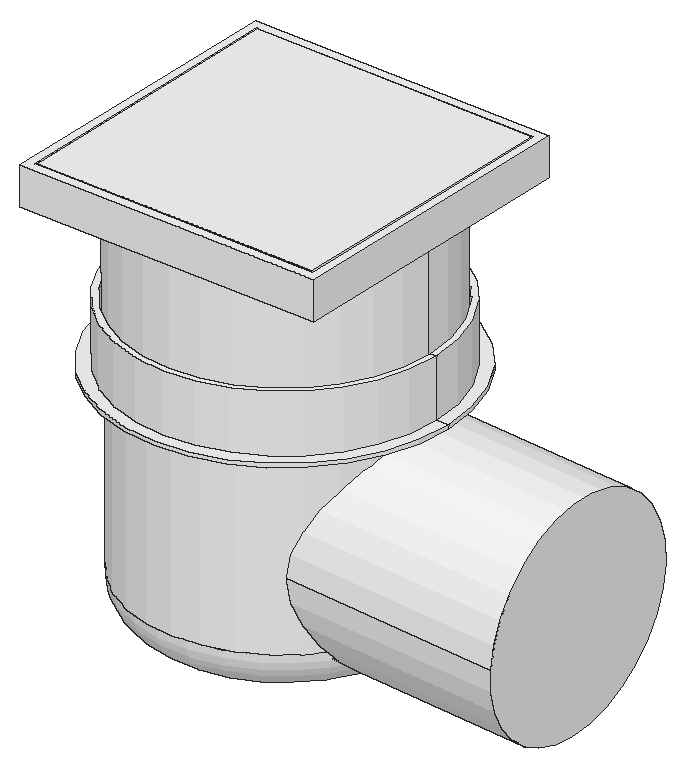
Revit family "HL_Трап для подвалов_HL72", category Instalační zařizovací předměty, Revit 2016
Family settings
  Typ součásti = Normální
  Kóta kulaté spojky = Použít průměr
  Číslo OmniClass = 23.70.50.21.24.14
  Nadpis OmniClass = Deck Waste Water Drains
  Založené na pracovní rovině = Ne
  Vždy vertikální = Ano
  Ořezat dutým tvarem při načtení = Ne
  Sdílené = Ano
  Bod výpočtu místnosti = Ano
Parameters (values of type "HL_Трап для подвалов_HL72")
  РЕШЁТКА = "138x138 mm/ Polyamid"
  РАЗМЕР = "DN110"
  ПРОПУСКНАЯ СПОСОБНОСТЬ [instance] = 0.0 L/s
  ПРОИЗВОДИТЕЛЬНОСТЬ = "1,67 l/s"
  ПРАВОВАЯ ИНФОРМАЦИЯ = "\"Авторские права(©), права на дизайн или какие либо другие права интелектуальной собственности являются исключительной собственностью компании HL Hutterer & Lechner. Изменению не подлежит. Файл семейства с данными о прозводителе изделия защищен паролем с водяным знаком.\""
  ПАДЕНИЕ ДАВЛЕНИЯ [instance] = 0.0 Pa
  НОМИНАЛЬНЫЙ ДИАМЕТР = 110 mm
  НАСАДКА = "48-95 mm/ 148x148 mm"
  МАТЕРИАЛ = "PP"
  МАКСИМАЛЬНАЯ НАГРУЗКА КЛАССА = "K3 - 300 kg"
  ВЫСОТА МОНТАЖА = "160 mm"
  ВЕС = "0,83 kg"
  Připojení ventilace = no
  Výrobce = "HL Hutterer & Lechner GmbH"
  URL = "http://www.hutterer-lechner.com/ru/products/catalog/roof-drains/HL72.aspx"
  Připojení odpadu = yes
  Připojení HW = no
  Popis = "Трап для подвалов"
  Model = "HL72"
  Komentáře k typům = "Трап для подвалов DN110 горизонтальный 148х148мм/138х138мм синтетический материал"
  Keynote = "HL72"
  Высота монтажа [instance] = 95 mm
  Připojení CW = no
  EAN = "9003076700721"
  D1 [instance] = 147.7 mm
  D [instance] = Высота монтажа + 56.6 mm  # 151.6 mm
  C [instance] = Высота монтажа + 56.6 mm  # 151.6 mm
  B [instance] = Высота монтажа + 64 mm  # 159 mm
  A [instance] = if(B - 100 mm > 15 mm, B - 100 mm, 15 mm)  # 59 mm
Reference planes
  plane 1 "Center (Front/Back)": y = 0
  plane 2: z = 0
  plane 3 "Center (Left/Right)": x = 0
  plane 4 "Ball Joint Vertical": x = 25.45
  plane 5: z = -95
  plane 6: z = -159
Lines and regions (mm)
  model lines, style "InvisibleLines"
    curve 1: line (0, 0, 0) -> (0, 0, 560)
  reference lines
    curve 2: line (117.7, 0, -159) -> (147.7, 0, -159)
  model lines, detail levels coarse+medium
    curve 3: line (0, 0, -159) -> (0, 0, -100)
    curve 4: line (0, 0, -100) -> (100, 0, 0)
    curve 5: line (0, 0, -100) -> (-100, 0, 0)
    curve 6: line (0, 0, -159) -> (147.7, 0, -159)
  symbolic lines, style "PlumbingFixtures", detail levels coarse+medium
    curve 7: line (-75, 75, 0) -> (75, 75, 0)
    curve 8: line (-75, -75, 0) -> (-75, 75, 0)
    curve 9: line (75, -75, 0) -> (-75, -75, 0)
    curve 10: line (75, 75, 0) -> (75, -75, 0)
    curve 11: line (-75, 75, 0) -> (-145.711, 145.711, 0)
    curve 12: line (75, 75, 0) -> (145.711, 145.711, 0)
    curve 13: line (-75, -75, 0) -> (-145.711, -145.711, 0)
    curve 14: line (75, -75, 0) -> (145.711, -145.711, 0)
  symbolic lines, style "PlumbingFixtures", not visible, detail levels coarse+medium
    curve 15: line (-75, 75, 0) -> (75, 75, 0)
    curve 16: line (-75, -75, 0) -> (-75, 75, 0)
    curve 17: line (75, -75, 0) -> (-75, -75, 0)
    curve 18: line (75, 75, 0) -> (75, -75, 0)
    curve 19: line (-75, 75, 0) -> (-145.711, 145.711, 0)
    curve 20: line (75, 75, 0) -> (145.711, 145.711, 0)
    curve 21: line (-75, -75, 0) -> (-145.711, -145.711, 0)
    curve 22: line (75, -75, 0) -> (145.711, -145.711, 0)
Text (mm)
  text "FLOOR" at (-198.233, 0, -26.556), in view "вид строительства"
Dimensions and locks
  locked: plane 4 "Ball Joint Vertical" to plane 3 "Center (Left/Right)" at 25.45
  "Высота монтажа": plane 2 to plane 5
  "A": curve 5 to plane 6
  "B": curve 5 to plane 6
  "B": curve 4 to plane 6
  "B": plane 2 to plane 6
  "B": plane 2 to curve 6
  "D1": curve 2 to plane 3 "Center (Left/Right)"
  "D1": curve 6 to plane 3 "Center (Left/Right)"
  locked: curve 4 to plane 3 "Center (Left/Right)" (angle 45.00°)
  locked: plane 3 "Center (Left/Right)" to curve 5 (angle 45.00°)
  aligned and locked: level to plane 2
  aligned and locked: plane 2 to curve 1
  aligned and locked: plane 3 "Center (Left/Right)" to curve 1
  aligned and locked: plane 3 "Center (Left/Right)" to curve 5
  aligned and locked: curve 2 to plane 6
  aligned and locked: plane 3 "Center (Left/Right)" to nested 1
  aligned and locked: plane 3 "Center (Left/Right)" to nested 2
  aligned and locked: plane 2 to nested 2
  aligned and locked: nested 1 to plane 5
Automatic sketch dimensions
  level to curve 1 = 560 mm
  curve 2 to curve 2 = 30 mm
Nested families
  nested 1: "HL-Трап для подвалов-HL72" at (0, 0, -66), type "HL-Трап для подвалов-HL72"
  nested 2: "HL-Насадка-HL66.8" at (0, 0, 0), Высота монтажа <- "Высота монтажа", type "HL-Насадка-HL66.8"
    with Высота монтажа 95 mm, IHmin 45 mm, IHmax 95 mm, A -90 mm
Connectors
  piping at (147.7, 0, -159), diameter 110, driven by "НОМИНАЛЬНЫЙ ДИАМЕТР", driven by "ПРОПУСКНАЯ СПОСОБНОСТЬ"
    settings: on curve 2, index 1, connector inside diameter 609.6 mm, connector length 0 mm, flow factor 0, pipe flow 0.0 L/s, pressure drop 0.0 Pa, fitting loss kfactor 0, connector angle 0.00°, fixture units 0, engagement length 0 mm, angle of deflection 0.00°, flow configuration 1, flow direction 2, fitting loss method 0, system type 16, joint type 0, gender type 0, connector reference index -1, connector utility 0, adjustable connector yes, is connector primary yes, connector description ""
Definition of nested family "HL-Трап для подвалов-HL72"
  Parameters (values of type "HL-Трап для подвалов-HL72")
    Manufacturer = ""
    URL = ""
    Description = ""
    Model = ""
    Type Comments = ""
    Cost = 0
  Reference planes
    plane 1 "Střed (vpředu/vzadu)": y = 0
    plane 2: z = 0
    plane 3 "Střed (vlevo/vpravo)": x = 0
  Forms (mm)
    Revolve 1, solid, detail levels fine
      sketch origin (0, 0, 0) x (1, 0, 0) y (0, 0, 1)
        loop
          line (-82.5, -29) -> (-82.5, -31) -> (-70.991, -31) -> (-70.991, -122.009)
          arc (-70.991, -122.009) -> (-64.843, -136.852) -> (-50, -143) r 20.991
          line (-50, -143) -> (0, -143) -> (0, -25) -> (-73.559, -25) -> (-73.559, 0) -> (-76.522, 0) -> (-76.522, -29) -> (-82.5, -29)
        axis (0, 0) -> (0, -143)
      angle from 0 to 360
    Sweep 2, solid, detail levels fine
      path origin (0, 0, 2.846) x (1, 0, 0) y (0, 0, 1)
        loop
          line (150.529, -40.92) -> (35.687, -34.901)
      profile origin (93.108, 0, -35.065) x (-0.052336, 0, -0.99863) y (0, -1, 0)
        loop
          circle (55, 0) r 55
  Dimensions and locks
    aligned and locked: level to plane 2
Definition of nested family "HL-Насадка-HL66.8"
  Parameters (values of type "HL-Насадка-HL66.8")
    РЕШЁТКА = "138x138mm"
    РАЗМЕР = "d 145 mm"
    ПРАВОВАЯ ИНФОРМАЦИЯ = "\"Авторские права(©), права на дизайн или какие либо другие права интелектуальной собственности являются исключительной собственностью компании HL Hutterer & Lechner. Изменению не подлежит. Файл семейства с данными о прозводителе изделия защищен паролем с водяным знаком.\""
    НАСАДКА = "147x147mm"
    МАТЕРИАЛ = "PP/ Polyamid"
    МАКСИМАЛЬНАЯ НАГРУЗКА КЛАССА = "K3 - 300 kg"
    ВЫСОТА МОНТАЖА = "90 mm"
    ВЕС = "0,236 kg"
    Manufacturer = "HL Hutterer & Lechner GmbH"
    URL = "http://www.hutterer-lechner.com/ru/products/catalog/roof-drains/HL66.8.aspx"
    Description = "Вспомогательные материалы"
    Model = "HL66.8"
    Type Comments = "Насадка d 145мм с бороздками/147х147мм/138х138мм ПП"
    Keynote = "HL66.8"
    Высота монтажа [instance] = 95 mm
    IHmin [instance] = 45 mm
    IHmax [instance] = 95 mm
    EAN = "9003076014583"
    Cost = 0
    A [instance] = -if(Высота монтажа < 45 mm, 19 mm, if(Высота монтажа > 95 mm, 19 mm, Высота монтажа - 5 mm))  # -90 mm
  Reference planes
    plane 1 "Střed (vpředu/vzadu)": y = 0
    plane 2: z = 0
    plane 3 "Střed (vlevo/vpravo)": x = 0
  Forms (mm)
    Extrusion 1, solid, detail levels fine
      sketch origin (0, 0, 0) x (1, 0, 0) y (0, 1, 0)
        loop
          line (74, -74) -> (74, 74) -> (-74, 74) -> (-74, -74) -> (74, -74)
        loop
          line (-70, 70) -> (-70, -70) -> (70, -70) -> (70, 70) -> (-70, 70)
        loop
          line (69, -69) -> (69, 69) -> (-69, 69) -> (-69, -69) -> (69, -69)
      from 0 to -19
    Extrusion 2, solid, detail levels fine
      sketch origin (0, 0, 0) x (1, 0, 0) y (0, 1, 0)
        loop
          circle (0, 0) r 72.508
      from -19 to -90 <- "A"
  Lines and regions (mm)
    model lines, detail levels fine
      curve 1: line (49, 7.25, 0) -> (53, 7.25, 0)
      curve 2: line (55.5, 9.75, 0) -> (55.5, 53.05, 0)
      curve 3: line (46.5, 53.05, 0) -> (46.5, 9.75, 0)
      curve 4: line (53, 55.55, 0) -> (49, 55.55, 0)
      curve 5: arc (55.5, 53.05, 0) -> (54.768, 54.818, 0) -> (53, 55.55, 0) r 2.5
      curve 6: arc (49, 55.55, 0) -> (47.232, 54.818, 0) -> (46.5, 53.05, 0) r 2.5
      curve 7: arc (55.5, 9.75, 0) -> (54.768, 7.982, 0) -> (53, 7.25, 0) r 2.5
      curve 8: arc (49, 7.25, 0) -> (47.232, 7.982, 0) -> (46.5, 9.75, 0) r 2.5
      curve 9: line (32, 7.25, 0) -> (36, 7.25, 0)
      curve 10: line (38.5, 9.75, 0) -> (38.5, 53.05, 0)
      curve 11: line (29.5, 53.05, 0) -> (29.5, 9.75, 0)
      curve 12: line (36, 55.55, 0) -> (32, 55.55, 0)
      curve 13: arc (38.5, 53.05, 0) -> (37.768, 54.818, 0) -> (36, 55.55, 0) r 2.5
      curve 14: arc (32, 55.55, 0) -> (30.232, 54.818, 0) -> (29.5, 53.05, 0) r 2.5
      curve 15: arc (38.5, 9.75, 0) -> (37.768, 7.982, 0) -> (36, 7.25, 0) r 2.5
      curve 16: arc (32, 7.25, 0) -> (30.232, 7.982, 0) -> (29.5, 9.75, 0) r 2.5
      curve 17: line (15, 7.25, 0) -> (19, 7.25, 0)
      curve 18: line (21.5, 9.75, 0) -> (21.5, 53.05, 0)
      curve 19: line (12.5, 53.05, 0) -> (12.5, 9.75, 0)
      curve 20: line (19, 55.55, 0) -> (15, 55.55, 0)
      curve 21: arc (21.5, 53.05, 0) -> (20.768, 54.818, 0) -> (19, 55.55, 0) r 2.5
      curve 22: arc (15, 55.55, 0) -> (13.232, 54.818, 0) -> (12.5, 53.05, 0) r 2.5
      curve 23: arc (21.5, 9.75, 0) -> (20.768, 7.982, 0) -> (19, 7.25, 0) r 2.5
      curve 24: arc (15, 7.25, 0) -> (13.232, 7.982, 0) -> (12.5, 9.75, 0) r 2.5
      curve 25: line (-2, 7.25, 0) -> (2, 7.25, 0)
      curve 26: line (4.5, 9.75, 0) -> (4.5, 53.05, 0)
      curve 27: line (-4.5, 53.05, 0) -> (-4.5, 9.75, 0)
      curve 28: line (2, 55.55, 0) -> (-2, 55.55, 0)
      curve 29: arc (4.5, 53.05, 0) -> (3.768, 54.818, 0) -> (2, 55.55, 0) r 2.5
      curve 30: arc (-2, 55.55, 0) -> (-3.768, 54.818, 0) -> (-4.5, 53.05, 0) r 2.5
      curve 31: arc (4.5, 9.75, 0) -> (3.768, 7.982, 0) -> (2, 7.25, 0) r 2.5
      curve 32: arc (-2, 7.25, 0) -> (-3.768, 7.982, 0) -> (-4.5, 9.75, 0) r 2.5
      curve 33: line (-19, 7.25, 0) -> (-15, 7.25, 0)
      curve 34: line (-12.5, 9.75, 0) -> (-12.5, 53.05, 0)
      curve 35: line (-21.5, 53.05, 0) -> (-21.5, 9.75, 0)
      curve 36: line (-15, 55.55, 0) -> (-19, 55.55, 0)
      curve 37: arc (-12.5, 53.05, 0) -> (-13.232, 54.818, 0) -> (-15, 55.55, 0) r 2.5
      curve 38: arc (-19, 55.55, 0) -> (-20.768, 54.818, 0) -> (-21.5, 53.05, 0) r 2.5
      curve 39: arc (-12.5, 9.75, 0) -> (-13.232, 7.982, 0) -> (-15, 7.25, 0) r 2.5
      curve 40: arc (-19, 7.25, 0) -> (-20.768, 7.982, 0) -> (-21.5, 9.75, 0) r 2.5
      curve 41: line (-36, 7.25, 0) -> (-32, 7.25, 0)
      curve 42: line (-29.5, 9.75, 0) -> (-29.5, 53.05, 0)
      curve 43: line (-38.5, 53.05, 0) -> (-38.5, 9.75, 0)
      curve 44: line (-32, 55.55, 0) -> (-36, 55.55, 0)
      curve 45: arc (-29.5, 53.05, 0) -> (-30.232, 54.818, 0) -> (-32, 55.55, 0) r 2.5
      curve 46: arc (-36, 55.55, 0) -> (-37.768, 54.818, 0) -> (-38.5, 53.05, 0) r 2.5
      curve 47: arc (-29.5, 9.75, 0) -> (-30.232, 7.982, 0) -> (-32, 7.25, 0) r 2.5
      curve 48: arc (-36, 7.25, 0) -> (-37.768, 7.982, 0) -> (-38.5, 9.75, 0) r 2.5
      curve 49: line (-53, 7.25, 0) -> (-49, 7.25, 0)
      curve 50: line (-46.5, 9.75, 0) -> (-46.5, 53.05, 0)
      curve 51: line (-55.5, 53.05, 0) -> (-55.5, 9.75, 0)
      curve 52: line (-49, 55.55, 0) -> (-53, 55.55, 0)
      curve 53: arc (-46.5, 53.05, 0) -> (-47.232, 54.818, 0) -> (-49, 55.55, 0) r 2.5
      curve 54: arc (-53, 55.55, 0) -> (-54.768, 54.818, 0) -> (-55.5, 53.05, 0) r 2.5
      curve 55: arc (-46.5, 9.75, 0) -> (-47.232, 7.982, 0) -> (-49, 7.25, 0) r 2.5
      curve 56: arc (-53, 7.25, 0) -> (-54.768, 7.982, 0) -> (-55.5, 9.75, 0) r 2.5
      curve 57: line (49, -55.55, 0) -> (53, -55.55, 0)
      curve 58: line (55.5, -53.05, 0) -> (55.5, -9.75, 0)
      curve 59: line (46.5, -9.75, 0) -> (46.5, -53.05, 0)
      curve 60: line (53, -7.25, 0) -> (49, -7.25, 0)
      curve 61: arc (55.5, -9.75, 0) -> (54.768, -7.982, 0) -> (53, -7.25, 0) r 2.5
      curve 62: arc (49, -7.25, 0) -> (47.232, -7.982, 0) -> (46.5, -9.75, 0) r 2.5
      curve 63: arc (55.5, -53.05, 0) -> (54.768, -54.818, 0) -> (53, -55.55, 0) r 2.5
      curve 64: arc (49, -55.55, 0) -> (47.232, -54.818, 0) -> (46.5, -53.05, 0) r 2.5
      curve 65: line (32, -55.55, 0) -> (36, -55.55, 0)
      curve 66: line (38.5, -53.05, 0) -> (38.5, -9.75, 0)
      curve 67: line (29.5, -9.75, 0) -> (29.5, -53.05, 0)
      curve 68: line (36, -7.25, 0) -> (32, -7.25, 0)
      curve 69: arc (38.5, -9.75, 0) -> (37.768, -7.982, 0) -> (36, -7.25, 0) r 2.5
      curve 70: arc (32, -7.25, 0) -> (30.232, -7.982, 0) -> (29.5, -9.75, 0) r 2.5
      curve 71: arc (38.5, -53.05, 0) -> (37.768, -54.818, 0) -> (36, -55.55, 0) r 2.5
      curve 72: arc (32, -55.55, 0) -> (30.232, -54.818, 0) -> (29.5, -53.05, 0) r 2.5
      curve 73: line (15, -55.55, 0) -> (19, -55.55, 0)
      curve 74: line (21.5, -53.05, 0) -> (21.5, -9.75, 0)
      curve 75: line (12.5, -9.75, 0) -> (12.5, -53.05, 0)
      curve 76: line (19, -7.25, 0) -> (15, -7.25, 0)
      curve 77: arc (21.5, -9.75, 0) -> (20.768, -7.982, 0) -> (19, -7.25, 0) r 2.5
      curve 78: arc (15, -7.25, 0) -> (13.232, -7.982, 0) -> (12.5, -9.75, 0) r 2.5
      curve 79: arc (21.5, -53.05, 0) -> (20.768, -54.818, 0) -> (19, -55.55, 0) r 2.5
      curve 80: arc (15, -55.55, 0) -> (13.232, -54.818, 0) -> (12.5, -53.05, 0) r 2.5
      curve 81: line (-2, -55.55, 0) -> (2, -55.55, 0)
      curve 82: line (4.5, -53.05, 0) -> (4.5, -9.75, 0)
      curve 83: line (-4.5, -9.75, 0) -> (-4.5, -53.05, 0)
      curve 84: line (2, -7.25, 0) -> (-2, -7.25, 0)
      curve 85: arc (4.5, -9.75, 0) -> (3.768, -7.982, 0) -> (2, -7.25, 0) r 2.5
      curve 86: arc (-2, -7.25, 0) -> (-3.768, -7.982, 0) -> (-4.5, -9.75, 0) r 2.5
      curve 87: arc (4.5, -53.05, 0) -> (3.768, -54.818, 0) -> (2, -55.55, 0) r 2.5
      curve 88: arc (-2, -55.55, 0) -> (-3.768, -54.818, 0) -> (-4.5, -53.05, 0) r 2.5
      curve 89: line (-19, -55.55, 0) -> (-15, -55.55, 0)
      curve 90: line (-12.5, -53.05, 0) -> (-12.5, -9.75, 0)
      curve 91: line (-21.5, -9.75, 0) -> (-21.5, -53.05, 0)
      curve 92: line (-15, -7.25, 0) -> (-19, -7.25, 0)
      curve 93: arc (-12.5, -9.75, 0) -> (-13.232, -7.982, 0) -> (-15, -7.25, 0) r 2.5
      curve 94: arc (-19, -7.25, 0) -> (-20.768, -7.982, 0) -> (-21.5, -9.75, 0) r 2.5
      curve 95: arc (-12.5, -53.05, 0) -> (-13.232, -54.818, 0) -> (-15, -55.55, 0) r 2.5
      curve 96: arc (-19, -55.55, 0) -> (-20.768, -54.818, 0) -> (-21.5, -53.05, 0) r 2.5
      curve 97: line (-36, -55.55, 0) -> (-32, -55.55, 0)
      curve 98: line (-29.5, -53.05, 0) -> (-29.5, -9.75, 0)
      curve 99: line (-38.5, -9.75, 0) -> (-38.5, -53.05, 0)
      curve 100: line (-32, -7.25, 0) -> (-36, -7.25, 0)
      curve 101: arc (-29.5, -9.75, 0) -> (-30.232, -7.982, 0) -> (-32, -7.25, 0) r 2.5
      curve 102: arc (-36, -7.25, 0) -> (-37.768, -7.982, 0) -> (-38.5, -9.75, 0) r 2.5
      curve 103: arc (-29.5, -53.05, 0) -> (-30.232, -54.818, 0) -> (-32, -55.55, 0) r 2.5
      curve 104: arc (-36, -55.55, 0) -> (-37.768, -54.818, 0) -> (-38.5, -53.05, 0) r 2.5
      curve 105: line (-53, -55.55, 0) -> (-49, -55.55, 0)
      curve 106: line (-46.5, -53.05, 0) -> (-46.5, -9.75, 0)
      curve 107: line (-55.5, -9.75, 0) -> (-55.5, -53.05, 0)
      curve 108: line (-49, -7.25, 0) -> (-53, -7.25, 0)
      curve 109: arc (-46.5, -9.75, 0) -> (-47.232, -7.982, 0) -> (-49, -7.25, 0) r 2.5
      curve 110: arc (-53, -7.25, 0) -> (-54.768, -7.982, 0) -> (-55.5, -9.75, 0) r 2.5
      curve 111: arc (-46.5, -53.05, 0) -> (-47.232, -54.818, 0) -> (-49, -55.55, 0) r 2.5
      curve 112: arc (-53, -55.55, 0) -> (-54.768, -54.818, 0) -> (-55.5, -53.05, 0) r 2.5
  Dimensions and locks
    aligned and locked: level to plane 2
    aligned and locked: Extrusion 2 to Extrusion 1
